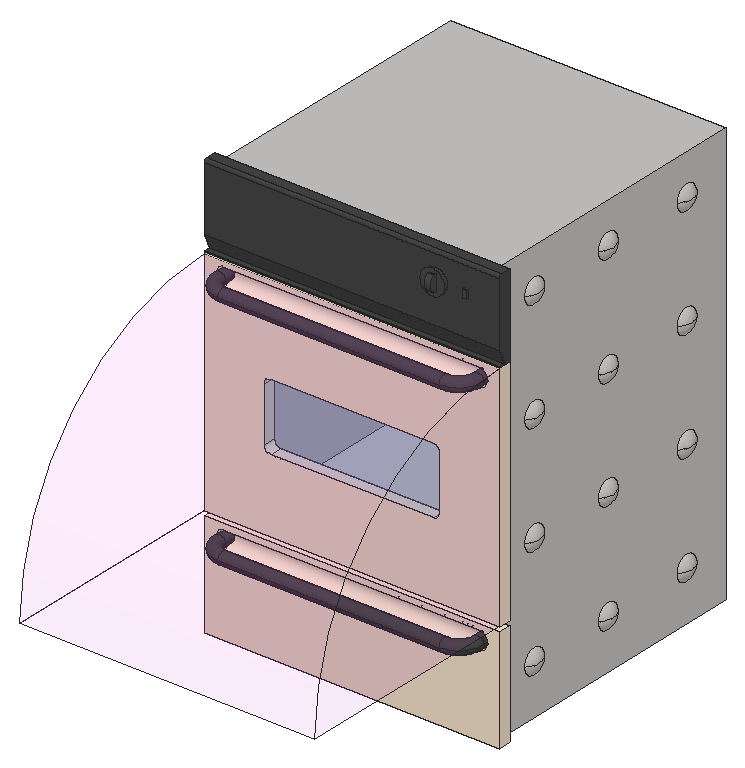
Revit family "QF_Summit_STM7212KW_Oven", category Specialty Equipment, Revit 2020
Family settings
  Round Connector Dimension = Use Diameter
  Part Type = Normal
  Work Plane-Based = No
  Always vertical = Yes
  Cut with Voids When Loaded = No
  Shared = No
  Room Calculation Point = No
Parameters
  Weight in Pounds = 140
  Watts = if(Phase = 3, Volts * FL Amps * 1.73, Volts * FL Amps)  # 414 W
  Volts = 115 V
  URL Cutsheet = ""
  Specification by User = ""
  Specification by Manufacturer = ""
  Show Clearance [instance] = yes
  Serial Number = ""
  Seismic Rating = ""
  SMACNA No = ""
  Revision Code = ""
  Phase = 1
  Number of Poles = 1
  NAFEM Spec ID Number = ""
  Model = "STM7212KW"
  Min Ckt Ampacity = 0 A
  Max Overcurrent Protection = 0 A
  Masterspec = ""
  Manufacturer = "Summit"
  Length = 24"
  Item Number = ""
  Installed By = ""
  Identify Quantity as Lot = yes
  Height = 34 1/2"
  HP = ""
  Furnished By = ""
  Foodservice Equipment Identifier = yes
  FL Amps = 3.6 A
  Electrical Remarks = ""
  Electric Connection Type = ""
  Elec Conn RI Height = 0"
  Elec Conn Connection Height = 0"
  Description = "Oven"
  Depth = 24"
  Default Elevation = 0"
  Cycle = 60 Hz
  Conn Plug = ""
  Conn Conduit = yes
  CSI MasterFormat = ""
  Apparent Power = if(Phase = 3, Volts * FL Amps * 1.73, Volts * FL Amps)  # 414 VA
Reference planes (in)
  plane 1 "BACK": y = 0
  plane 2: z = 0
  plane 3 "LEFT": x = 0
  plane 4 "RIGHT": x = 24
  plane 5 "FRONT": y = -24
  plane 6 "TOP": z = 34.875
  plane 7 "Center Y": x = 12
  plane 8 "Center X": y = -12
  plane 9: y = -23
  plane 10: y = -26.375
  plane 11: z = 27.75
  plane 12: z = 8.5
  plane 13: z = 8.875
  plane 14: y = -42.75
  plane 15: z = 34.5
Forms (in)
  Extrusion 1, solid, material "QF_Metal_Stainless_Polished"
    sketch origin (0, 0, 0) x (1, 0, 0) y (0, 1, 0)
      loop
        line (0.8125, 0) -> (0.8125, -23) -> (23.1875, -23) -> (23.1875, 0) -> (0.8125, 0)
    from 0 to 34.375
  Extrusion 2, solid, material "QF_Plastic_Bisque_Smooth"
    sketch origin (0, -24, 0.125) x (1, 0, 0) y (0, 0, 1)
      loop
        line (0, 8.375) -> (0, -0.125) -> (24, -0.125) -> (24, 8.375) -> (0, 8.375)
      loop
        line (0, 8.75) -> (24, 8.75) -> (24, 27.625) -> (0, 27.625) -> (0, 8.75)
    from 0 to -1
  Extrusion 3, solid, material "QF_Metal_Black"
    sketch origin (0, 0, 0) x (0, 1, 0) y (0, 0, 1)
      loop
        line (-23, 34.5) -> (-23.75, 34.5)
        arc (-23.75, 34.5) -> (-23.92678, 34.42678) -> (-24, 34.25) r 0.25
        line (-24, 34.25) -> (-24, 29) -> (-23.5, 27.79419) -> (-24, 27.79419) -> (-24, 27.75) -> (-23, 27.75) -> (-23, 34.5)
    from 0 to 24
  Revolve 4, void
    sketch origin (0, -0.05469, 26.49744) x (1, 0, 0) y (0, 1, 0)
      loop
        line (1, -24.15625) -> (23, -24.15625) -> (23, -24.00262)
        arc (23, -24.00262) -> (22.82068, -23.56969) -> (22.38775, -23.39037) r 0.61225
        line (22.38775, -23.39037) -> (1.61225, -23.39037)
        arc (1.61225, -23.39037) -> (1.17932, -23.56969) -> (1, -24.00262) r 0.61225
        line (1, -24.00262) -> (1, -24.15625)
      axis (23, -24.15625) -> (1, -24.15625)
    angle from -134.169 to 145.733
  Revolve 5, void
    sketch origin (0, -0.05469, 7.32557) x (1, 0, 0) y (0, 1, 0)
      loop
        line (1, -24.15625) -> (23, -24.15625) -> (23, -24.00262)
        arc (23, -24.00262) -> (22.82068, -23.56969) -> (22.38775, -23.39037) r 0.61225
        line (22.38775, -23.39037) -> (1.61225, -23.39037)
        arc (1.61225, -23.39037) -> (1.17932, -23.56969) -> (1, -24.00262) r 0.61225
        line (1, -24.00262) -> (1, -24.15625)
      axis (23, -24.15625) -> (1, -24.15625)
    angle from -134.169 to 145.733
  Sweep 6, solid, material "QF_Metal_Black"
    path origin (0, 0, 0) x (1, 0, 0) y (0, 1, 0)
      loop
        line (1, -23.5) -> (1, -24.375)
        arc (1, -24.375) -> (1.58579, -25.78921) -> (3, -26.375) r 2
        line (3, -26.375) -> (21, -26.375)
        arc (21, -26.375) -> (22.41421, -25.78921) -> (23, -24.375) r 2
        line (23, -24.375) -> (23, -23.5)
    profile origin (12, -26.375, 0) x (0, 1, 0) y (0, 0, 1)
      loop
        circle (0.5, 26.5) r 0.5
  Sweep 7, solid, material "QF_Metal_Black"
    path origin (0, 0, -19.17187) x (1, 0, 0) y (0, 1, 0)
      loop
        line (1, -23.5) -> (1, -24.375)
        arc (1, -24.375) -> (1.58579, -25.78921) -> (3, -26.375) r 2
        line (3, -26.375) -> (21, -26.375)
        arc (21, -26.375) -> (22.41421, -25.78921) -> (23, -24.375) r 2
        line (23, -24.375) -> (23, -23.5)
    profile origin (12, -26.375, -19.17187) x (0, 1, 0) y (0, 0, 1)
      loop
        circle (0.5, 26.5) r 0.5
  Extrusion 8, solid, material "QF_Plastic_Black_Smooth"
    sketch origin (20.91227, -24, 32.63936) x (0, 0, 1) y (0, -1, 0)
      loop
        line (-0.12746, 0) -> (-0.12746, 0.10905)
        arc (-0.12746, 0.10905) -> (-0.44721, 0.08236) -> (-0.76795, 0.07343) r 5.7865
        line (-0.76795, 0.07343) -> (-0.76795, 0) -> (-0.12746, 0)
    from 0.1968 to 0.4972
  Extrusion 9, solid, material "QF_Plastic_Black_Smooth"
    sketch origin (0, -24, 29) x (0, 0, 1) y (-1, 0, 0)
      loop
        circle (3.25, -18.75) r 1
    from 0 to 0.25
  Extrusion 10, solid, material "QF_Plastic_Black_Smooth"
    sketch origin (-0.04382, 0, 0) x (0, 1, 0) y (0, 0, 1)
      loop
        line (-24.25, 32.91606) -> (-24.40555, 32.91606)
        arc (-24.40555, 32.91606) -> (-24.75, 32.2654) -> (-24.40555, 31.61474) r 0.78677
        line (-24.40555, 31.61474) -> (-24.25, 31.61474) -> (-24.25, 32.91606)
    from 19.04382 to 18.54382
  Revolve 11, solid, material "QF_Metal_Stainless_Polished"
    sketch origin (0, 0, 4.125) x (1, 0, 0) y (0, 1, 0)
      loop
        line (23.1875, -4) -> (23.6875, -4)
        arc (23.6875, -4) -> (23.55162, -3.44294) -> (23.1875, -3) r 1.28845
        line (23.1875, -3) -> (23.1875, -4)
      axis (23.1875, -4) -> (23.6875, -4)
    angle from 0 to 360
  Revolve 12, solid, material "QF_Metal_Stainless_Polished"
    sketch origin (0, 0, 13.125) x (1, 0, 0) y (0, 1, 0)
      loop
        line (23.1875, -4) -> (23.6875, -4)
        arc (23.6875, -4) -> (23.55162, -3.44294) -> (23.1875, -3) r 1.28845
        line (23.1875, -3) -> (23.1875, -4)
      axis (23.1875, -4) -> (23.6875, -4)
    angle from 0 to 360
  Revolve 13, solid, material "QF_Metal_Stainless_Polished"
    sketch origin (0, 0, 22.125) x (1, 0, 0) y (0, 1, 0)
      loop
        line (23.1875, -4) -> (23.6875, -4)
        arc (23.6875, -4) -> (23.55162, -3.44294) -> (23.1875, -3) r 1.28845
        line (23.1875, -3) -> (23.1875, -4)
      axis (23.1875, -4) -> (23.6875, -4)
    angle from 0 to 360
  Revolve 14, solid, material "QF_Metal_Stainless_Polished"
    sketch origin (0, 0, 31.125) x (1, 0, 0) y (0, 1, 0)
      loop
        line (23.1875, -4) -> (23.6875, -4)
        arc (23.6875, -4) -> (23.55162, -3.44294) -> (23.1875, -3) r 1.28845
        line (23.1875, -3) -> (23.1875, -4)
      axis (23.1875, -4) -> (23.6875, -4)
    angle from 0 to 360
  Revolve 15, solid, material "QF_Metal_Stainless_Polished"
    sketch origin (0, -8, 31.125) x (1, 0, 0) y (0, 1, 0)
      loop
        line (23.1875, -4) -> (23.6875, -4)
        arc (23.6875, -4) -> (23.55162, -3.44294) -> (23.1875, -3) r 1.28845
        line (23.1875, -3) -> (23.1875, -4)
      axis (23.1875, -4) -> (23.6875, -4)
    angle from 0 to 360
  Revolve 16, solid, material "QF_Metal_Stainless_Polished"
    sketch origin (0, -15.5, 31.125) x (1, 0, 0) y (0, 1, 0)
      loop
        line (23.1875, -4) -> (23.6875, -4)
        arc (23.6875, -4) -> (23.55162, -3.44294) -> (23.1875, -3) r 1.28845
        line (23.1875, -3) -> (23.1875, -4)
      axis (23.1875, -4) -> (23.6875, -4)
    angle from 0 to 360
  Revolve 17, solid, material "QF_Metal_Stainless_Polished"
    sketch origin (0, -8, 4.125) x (1, 0, 0) y (0, 1, 0)
      loop
        line (23.1875, -4) -> (23.6875, -4)
        arc (23.6875, -4) -> (23.55162, -3.44294) -> (23.1875, -3) r 1.28845
        line (23.1875, -3) -> (23.1875, -4)
      axis (23.1875, -4) -> (23.6875, -4)
    angle from 0 to 360
  Revolve 18, solid, material "QF_Metal_Stainless_Polished"
    sketch origin (0, -8, 13.125) x (1, 0, 0) y (0, 1, 0)
      loop
        line (23.1875, -4) -> (23.6875, -4)
        arc (23.6875, -4) -> (23.55162, -3.44294) -> (23.1875, -3) r 1.28845
        line (23.1875, -3) -> (23.1875, -4)
      axis (23.1875, -4) -> (23.6875, -4)
    angle from 0 to 360
  Revolve 19, solid, material "QF_Metal_Stainless_Polished"
    sketch origin (0, -8, 22.125) x (1, 0, 0) y (0, 1, 0)
      loop
        line (23.1875, -4) -> (23.6875, -4)
        arc (23.6875, -4) -> (23.55162, -3.44294) -> (23.1875, -3) r 1.28845
        line (23.1875, -3) -> (23.1875, -4)
      axis (23.1875, -4) -> (23.6875, -4)
    angle from 0 to 360
  Revolve 20, solid, material "QF_Metal_Stainless_Polished"
    sketch origin (0, -15.5, 4.125) x (1, 0, 0) y (0, 1, 0)
      loop
        line (23.1875, -4) -> (23.6875, -4)
        arc (23.6875, -4) -> (23.55162, -3.44294) -> (23.1875, -3) r 1.28845
        line (23.1875, -3) -> (23.1875, -4)
      axis (23.1875, -4) -> (23.6875, -4)
    angle from 0 to 360
  Revolve 21, solid, material "QF_Metal_Stainless_Polished"
    sketch origin (0, -15.5, 13.125) x (1, 0, 0) y (0, 1, 0)
      loop
        line (23.1875, -4) -> (23.6875, -4)
        arc (23.6875, -4) -> (23.55162, -3.44294) -> (23.1875, -3) r 1.28845
        line (23.1875, -3) -> (23.1875, -4)
      axis (23.1875, -4) -> (23.6875, -4)
    angle from 0 to 360
  Revolve 22, solid, material "QF_Metal_Stainless_Polished"
    sketch origin (0, -15.5, 22.125) x (1, 0, 0) y (0, 1, 0)
      loop
        line (23.1875, -4) -> (23.6875, -4)
        arc (23.6875, -4) -> (23.55162, -3.44294) -> (23.1875, -3) r 1.28845
        line (23.1875, -3) -> (23.1875, -4)
      axis (23.1875, -4) -> (23.6875, -4)
    angle from 0 to 360
  Revolve 23, solid, material "QF_Metal_Stainless_Polished"
    sketch origin (24, 0, 4.125) x (-1, 0, 0) y (0, -1, 0)
      loop
        line (23.1875, 4) -> (23.1875, 3)
        arc (23.1875, 3) -> (23.55162, 3.44294) -> (23.6875, 4) r 1.28845
        line (23.6875, 4) -> (23.1875, 4)
      axis (23.1875, 4) -> (23.6875, 4)
    angle from 0 to 360
  Revolve 24, solid, material "QF_Metal_Stainless_Polished"
    sketch origin (24, 0, 13.125) x (-1, 0, 0) y (0, -1, 0)
      loop
        line (23.1875, 4) -> (23.1875, 3)
        arc (23.1875, 3) -> (23.55162, 3.44294) -> (23.6875, 4) r 1.28845
        line (23.6875, 4) -> (23.1875, 4)
      axis (23.1875, 4) -> (23.6875, 4)
    angle from 0 to 360
  Revolve 25, solid, material "QF_Metal_Stainless_Polished"
    sketch origin (24, 0, 22.125) x (-1, 0, 0) y (0, -1, 0)
      loop
        line (23.1875, 4) -> (23.1875, 3)
        arc (23.1875, 3) -> (23.55162, 3.44294) -> (23.6875, 4) r 1.28845
        line (23.6875, 4) -> (23.1875, 4)
      axis (23.1875, 4) -> (23.6875, 4)
    angle from 0 to 360
  Revolve 26, solid, material "QF_Metal_Stainless_Polished"
    sketch origin (24, 0, 31.125) x (-1, 0, 0) y (0, -1, 0)
      loop
        line (23.1875, 4) -> (23.1875, 3)
        arc (23.1875, 3) -> (23.55162, 3.44294) -> (23.6875, 4) r 1.28845
        line (23.6875, 4) -> (23.1875, 4)
      axis (23.1875, 4) -> (23.6875, 4)
    angle from 0 to 360
  Revolve 27, solid, material "QF_Metal_Stainless_Polished"
    sketch origin (24, -8, 31.125) x (-1, 0, 0) y (0, -1, 0)
      loop
        line (23.1875, 4) -> (23.1875, 3)
        arc (23.1875, 3) -> (23.55162, 3.44294) -> (23.6875, 4) r 1.28845
        line (23.6875, 4) -> (23.1875, 4)
      axis (23.1875, 4) -> (23.6875, 4)
    angle from 0 to 360
  Revolve 28, solid, material "QF_Metal_Stainless_Polished"
    sketch origin (24, -15.5, 31.125) x (-1, 0, 0) y (0, -1, 0)
      loop
        line (23.1875, 4) -> (23.1875, 3)
        arc (23.1875, 3) -> (23.55162, 3.44294) -> (23.6875, 4) r 1.28845
        line (23.6875, 4) -> (23.1875, 4)
      axis (23.1875, 4) -> (23.6875, 4)
    angle from 0 to 360
  Revolve 29, solid, material "QF_Metal_Stainless_Polished"
    sketch origin (24, -8, 4.125) x (-1, 0, 0) y (0, -1, 0)
      loop
        line (23.1875, 4) -> (23.1875, 3)
        arc (23.1875, 3) -> (23.55162, 3.44294) -> (23.6875, 4) r 1.28845
        line (23.6875, 4) -> (23.1875, 4)
      axis (23.1875, 4) -> (23.6875, 4)
    angle from 0 to 360
  Revolve 30, solid, material "QF_Metal_Stainless_Polished"
    sketch origin (24, -8, 13.125) x (-1, 0, 0) y (0, -1, 0)
      loop
        line (23.1875, 4) -> (23.1875, 3)
        arc (23.1875, 3) -> (23.55162, 3.44294) -> (23.6875, 4) r 1.28845
        line (23.6875, 4) -> (23.1875, 4)
      axis (23.1875, 4) -> (23.6875, 4)
    angle from 0 to 360
  Revolve 31, solid, material "QF_Metal_Stainless_Polished"
    sketch origin (24, -8, 22.125) x (-1, 0, 0) y (0, -1, 0)
      loop
        line (23.1875, 4) -> (23.1875, 3)
        arc (23.1875, 3) -> (23.55162, 3.44294) -> (23.6875, 4) r 1.28845
        line (23.6875, 4) -> (23.1875, 4)
      axis (23.1875, 4) -> (23.6875, 4)
    angle from 0 to 360
  Revolve 32, solid, material "QF_Metal_Stainless_Polished"
    sketch origin (24, -15.5, 4.125) x (-1, 0, 0) y (0, -1, 0)
      loop
        line (23.1875, 4) -> (23.1875, 3)
        arc (23.1875, 3) -> (23.55162, 3.44294) -> (23.6875, 4) r 1.28845
        line (23.6875, 4) -> (23.1875, 4)
      axis (23.1875, 4) -> (23.6875, 4)
    angle from 0 to 360
  Revolve 33, solid, material "QF_Metal_Stainless_Polished"
    sketch origin (24, -15.5, 13.125) x (-1, 0, 0) y (0, -1, 0)
      loop
        line (23.1875, 4) -> (23.1875, 3)
        arc (23.1875, 3) -> (23.55162, 3.44294) -> (23.6875, 4) r 1.28845
        line (23.6875, 4) -> (23.1875, 4)
      axis (23.1875, 4) -> (23.6875, 4)
    angle from 0 to 360
  Revolve 34, solid, material "QF_Metal_Stainless_Polished"
    sketch origin (24, -15.5, 22.125) x (-1, 0, 0) y (0, -1, 0)
      loop
        line (23.1875, 4) -> (23.1875, 3)
        arc (23.1875, 3) -> (23.55162, 3.44294) -> (23.6875, 4) r 1.28845
        line (23.6875, 4) -> (23.1875, 4)
      axis (23.1875, 4) -> (23.6875, 4)
    angle from 0 to 360
  Extrusion 35, solid, material "QF_Metal_Stainless_Polished"
    sketch origin (0.8125, 0, 0) x (1, 0, 0) y (0, 0, -1)
      loop
        circle (11.1875, -33.47209) r 0.25
    from 0 to 0.0625
  Extrusion 36, void
    sketch origin (0, -24, 0.125) x (1, 0, 0) y (0, 0, 1)
      loop
        arc (19.125, 19.75) -> (18.97855, 20.10355) -> (18.625, 20.25) r 0.5
        line (18.625, 20.25) -> (5.375, 20.25)
        arc (5.375, 20.25) -> (5.02145, 20.10355) -> (4.875, 19.75) r 0.5
        line (4.875, 19.75) -> (4.875, 15.25)
        arc (4.875, 15.25) -> (5.02145, 14.89645) -> (5.375, 14.75) r 0.5
        line (5.375, 14.75) -> (18.625, 14.75)
        arc (18.625, 14.75) -> (18.97855, 14.89645) -> (19.125, 15.25) r 0.5
        line (19.125, 15.25) -> (19.125, 19.75)
    from 0.5311 to -1
  Extrusion 37, solid, material "Glass"
    sketch origin (0, -24, 0.125) x (1, 0, 0) y (0, 0, 1)
      loop
        arc (4.875, 15.25) -> (5.02145, 14.89645) -> (5.375, 14.75) r 0.5
        line (5.375, 14.75) -> (18.625, 14.75)
        arc (18.625, 14.75) -> (18.97855, 14.89645) -> (19.125, 15.25) r 0.5
        line (19.125, 15.25) -> (19.125, 19.75)
        arc (19.125, 19.75) -> (18.97855, 20.10355) -> (18.625, 20.25) r 0.5
        line (18.625, 20.25) -> (5.375, 20.25)
        arc (5.375, 20.25) -> (5.02145, 20.10355) -> (4.875, 19.75) r 0.5
        line (4.875, 19.75) -> (4.875, 15.25)
    from 0 to -1
  Extrusion 38, void
    sketch origin (0, 0, 0) x (1, 0, 0) y (0, 1, 0)
      loop
        line (2, -24.83785) -> (22, -24.83785) -> (22, -5) -> (2, -5) -> (2, -24.83785)
    from 8.875 to 27
  Extrusion 39, solid, material "QF_Clearances_Door_Drawer", visible <- "Show Clearance"
    sketch origin (0, 0, 0) x (0, 1, 0) y (0, 0, 1)
      loop
        line (-42.75, 8.875) -> (-24, 8.875) -> (-24, 27.625)
        arc (-24, 27.625) -> (-37.25825, 22.13325) -> (-42.75, 8.875) r 18.75
    from 0 to 24
Cuts and joins
  Revolve 4, Revolve 5, Extrusion 36 cuts Extrusion 2
  Extrusion 38 cuts Extrusion 1
Lines and regions (in)
  Split face 1
    outline origin (0, -24, 29) x (0, 0, 1) y (-1, 0, 0)
      loop
        arc (4.875, -1.25) -> (4.72855, -0.89645) -> (4.375, -0.75) r 0.5
        line (4.375, -0.75) -> (2.29419, -0.75)
        arc (2.29419, -0.75) -> (1.94064, -0.89645) -> (1.79419, -1.25) r 0.5
        line (1.79419, -1.25) -> (1.79419, -9)
        arc (1.79419, -9) -> (1.94064, -9.35355) -> (2.29419, -9.5) r 0.5
        line (2.29419, -9.5) -> (4.375, -9.5)
        arc (4.375, -9.5) -> (4.72855, -9.35355) -> (4.875, -9) r 0.5
        line (4.875, -9) -> (4.875, -1.25)
  Split face 2
    outline origin (0, -24, 29) x (0, 0, 1) y (-1, 0, 0)
      loop
        line (4.6875, -9) -> (4.6875, -1.25)
        arc (4.6875, -1.25) -> (4.59597, -1.02903) -> (4.375, -0.9375) r 0.3125
        line (4.375, -0.9375) -> (2.29419, -0.9375)
        arc (2.29419, -0.9375) -> (2.07322, -1.02903) -> (1.98169, -1.25) r 0.3125
        line (1.98169, -1.25) -> (1.98169, -9)
        arc (1.98169, -9) -> (2.07322, -9.22097) -> (2.29419, -9.3125) r 0.3125
        line (2.29419, -9.3125) -> (4.375, -9.3125)
        arc (4.375, -9.3125) -> (4.59597, -9.22097) -> (4.6875, -9) r 0.3125
  Split face 3
    outline origin (0, -24, 29) x (0, 0, 1) y (-1, 0, 0)
      loop
        arc (4.875, -10.54922) -> (4.72855, -10.19566) -> (4.375, -10.04922) r 0.5
        line (4.375, -10.04922) -> (2.29419, -10.04922)
        arc (2.29419, -10.04922) -> (1.94064, -10.19566) -> (1.79419, -10.54922) r 0.5
        line (1.79419, -10.54922) -> (1.79419, -22.6875)
        arc (1.79419, -22.6875) -> (1.94064, -23.04105) -> (2.29419, -23.1875) r 0.5
        line (2.29419, -23.1875) -> (4.375, -23.1875)
        arc (4.375, -23.1875) -> (4.72855, -23.04105) -> (4.875, -22.6875) r 0.5
        line (4.875, -22.6875) -> (4.875, -10.54922)
  Split face 4
    outline origin (0, -24, 29) x (0, 0, 1) y (-1, 0, 0)
      loop
        line (4.6875, -22.6875) -> (4.6875, -10.54922)
        arc (4.6875, -10.54922) -> (4.59597, -10.32825) -> (4.375, -10.23672) r 0.3125
        line (4.375, -10.23672) -> (2.29419, -10.23672)
        arc (2.29419, -10.23672) -> (2.07322, -10.32825) -> (1.98169, -10.54922) r 0.3125
        line (1.98169, -10.54922) -> (1.98169, -22.6875)
        arc (1.98169, -22.6875) -> (2.07322, -22.90847) -> (2.29419, -23) r 0.3125
        line (2.29419, -23) -> (4.375, -23)
        arc (4.375, -23) -> (4.59597, -22.90847) -> (4.6875, -22.6875) r 0.3125
  Split face 5
    outline origin (0, -24, 29) x (0, 0, 1) y (-1, 0, 0)
      loop
        line (3.61107, -3.77672) -> (2.86107, -3.77772) -> (2.86107, -6.76604) -> (3.61107, -6.76604) -> (3.61107, -3.77672)
  Split face 6
    outline origin (0, -24, 29) x (0, 0, 1) y (-1, 0, 0)
      loop
        arc (3.76732, -7.26422) -> (3.75267, -7.22887) -> (3.71732, -7.21422) r 0.05
        line (3.71732, -7.21422) -> (3.31732, -7.21422)
        arc (3.31732, -7.21422) -> (3.28196, -7.22887) -> (3.26732, -7.26422) r 0.05
        line (3.26732, -7.26422) -> (3.26732, -7.78922)
        arc (3.26732, -7.78922) -> (3.28196, -7.82458) -> (3.31732, -7.83922) r 0.05
        line (3.31732, -7.83922) -> (3.71732, -7.83922)
        arc (3.71732, -7.83922) -> (3.75267, -7.82458) -> (3.76732, -7.78922) r 0.05
        line (3.76732, -7.78922) -> (3.76732, -7.26422)
  Split face 7
    outline origin (0, -24, 29) x (0, 0, 1) y (-1, 0, 0)
      loop
        arc (3.20482, -7.26422) -> (3.19017, -7.22887) -> (3.15482, -7.21422) r 0.05
        line (3.15482, -7.21422) -> (2.75482, -7.21422)
        arc (2.75482, -7.21422) -> (2.71946, -7.22887) -> (2.70482, -7.26422) r 0.05
        line (2.70482, -7.26422) -> (2.70482, -7.78922)
        arc (2.70482, -7.78922) -> (2.71946, -7.82458) -> (2.75482, -7.83922) r 0.05
        line (2.75482, -7.83922) -> (3.15482, -7.83922)
        arc (3.15482, -7.83922) -> (3.19017, -7.82458) -> (3.20482, -7.78922) r 0.05
        line (3.20482, -7.78922) -> (3.20482, -7.26422)
  Split face 8
    outline origin (0, -24, 29) x (0, 0, 1) y (-1, 0, 0)
      loop
        line (3.76732, -3.28922) -> (3.76732, -2.76422)
        arc (3.76732, -2.76422) -> (3.75267, -2.72887) -> (3.71732, -2.71422) r 0.05
        line (3.71732, -2.71422) -> (3.31732, -2.71422)
        arc (3.31732, -2.71422) -> (3.28196, -2.72887) -> (3.26732, -2.76422) r 0.05
        line (3.26732, -2.76422) -> (3.26732, -3.28922)
        arc (3.26732, -3.28922) -> (3.28196, -3.32458) -> (3.31732, -3.33922) r 0.05
        line (3.31732, -3.33922) -> (3.71732, -3.33922)
        arc (3.71732, -3.33922) -> (3.75267, -3.32458) -> (3.76732, -3.28922) r 0.05
  Split face 9
    outline origin (0, -24, 29) x (0, 0, 1) y (-1, 0, 0)
      loop
        line (3.20482, -3.28922) -> (3.20482, -2.76422)
        arc (3.20482, -2.76422) -> (3.19017, -2.72887) -> (3.15482, -2.71422) r 0.05
        line (3.15482, -2.71422) -> (2.75482, -2.71422)
        arc (2.75482, -2.71422) -> (2.71946, -2.72887) -> (2.70482, -2.76422) r 0.05
        line (2.70482, -2.76422) -> (2.70482, -3.28922)
        arc (2.70482, -3.28922) -> (2.71946, -3.32458) -> (2.75482, -3.33922) r 0.05
        line (2.75482, -3.33922) -> (3.15482, -3.33922)
        arc (3.15482, -3.33922) -> (3.19017, -3.32458) -> (3.20482, -3.28922) r 0.05
  Split face 10
    outline origin (0, -24, 28.99886) x (0, 0, 1) y (-1, 0, 0)
      loop
        line (2.81005, -21.04657) -> (2.81005, -21.47197) -> (3.57418, -21.47197) -> (3.57418, -21.04657) -> (2.81005, -21.04657)
  Split face 11
    outline origin (0, -24, 29) x (0, 0, 1) y (-1, 0, 0)
      loop
        circle (3.35208, -16.21465) r 0.25
  Split face 12
    outline origin (0, -24, 29) x (0, 0, 1) y (-1, 0, 0)
      loop
        line (3.86007, -2.52672) -> (2.61107, -2.52672) -> (2.61107, -8.02672) -> (3.86007, -8.02572) -> (3.86007, -2.52672)
  Split face 13
    outline origin (0, -24, 29) x (0, 0, 1) y (-1, 0, 0)
      loop
        line (2.76785, -11.07996) -> (2.76785, -15.07996) -> (3.66458, -15.07996) -> (3.66458, -11.07996) -> (2.76785, -11.07996)
  Split face 14
    outline origin (0, -24, 29) x (0, 0, 1) y (-1, 0, 0)
      loop
        line (3.70482, -3.27672) -> (3.70482, -2.77672) -> (3.32982, -2.77672) -> (3.32982, -3.27672) -> (3.70482, -3.27672)
  Split face 15
    outline origin (0, -24, 29) x (0, 0, 1) y (-1, 0, 0)
      loop
        line (2.76732, -3.27672) -> (3.14232, -3.27672) -> (3.14232, -2.77672) -> (2.76732, -2.77672) -> (2.76732, -3.27672)
  Split face 16
    outline origin (0, -24, 29) x (0, 0, 1) y (-1, 0, 0)
      loop
        line (3.70482, -7.27672) -> (3.32982, -7.27672) -> (3.32982, -7.77672) -> (3.70482, -7.77672) -> (3.70482, -7.27672)
  Split face 17
    outline origin (0, -24, 29) x (0, 0, 1) y (-1, 0, 0)
      loop
        line (3.14232, -7.27672) -> (2.76732, -7.27672) -> (2.76732, -7.77672) -> (3.14232, -7.77672) -> (3.14232, -7.27672)
  symbolic lines
    curve 1: line (0, -24, 27) -> (0, -24, 26)
    curve 2: line (0.8125, 0, 0) -> (23.1875, 0, 0)
    curve 3: line (0.8125, -23, 0) -> (0.8125, 0, 0)
    curve 4: line (24, -23, 0) -> (0, -23, 0)
    curve 5: line (23.1875, 0, 0) -> (23.1875, -23, 0)
    curve 6: line (0, -23, 0) -> (0, -24, 0)
    curve 7: line (0, -24, 0) -> (24, -24, 0)
    curve 8: line (24, -24, 0) -> (24, -23, 0)
    curve 9: line (21.10907, -24, 0) -> (21.10907, -24.10905, 0)
    curve 10: line (21.10907, -24.10905, 0) -> (21.40947, -24.10905, 0)
    curve 11: line (21.40947, -24.10905, 0) -> (21.40947, -24, 0)
    curve 12: line (19.74618, -24.25, 0) -> (17.74618, -24.25, 0)
    curve 13: line (17.74618, -24.25, 0) -> (17.74618, -24, 0)
    curve 14: line (19.74618, -24.25, 0) -> (19.74618, -24, 0)
    curve 15: line (18.5, -24.25, 0) -> (18.5, -24.75, 0)
    curve 16: line (18.5, -24.75, 0) -> (19, -24.75, 0)
    curve 17: line (19, -24.75, 0) -> (19, -24.25, 0)
    curve 18: line (2.99288, -26.375, 0) -> (21.00712, -26.375, 0)
    curve 19: line (1, -24, 0) -> (1, -24.38212, 0)
    curve 20: arc (1, -24.38212, 0) -> (1.5837, -25.7913, 0) -> (2.99288, -26.375, 0) r 1.99288
    curve 21: line (2, -24, 0) -> (2, -24.375, 0)
    curve 22: line (3, -25.375, 0) -> (21, -25.375, 0)
    curve 23: arc (2, -24.375, 0) -> (2.29289, -25.0821, 0) -> (3, -25.375, 0) r 1
    curve 24: line (23, -24, 0) -> (23, -24.38212, 0)
    curve 25: arc (23, -24.38212, 0) -> (22.4163, -25.7913, 0) -> (21.00712, -26.375, 0) r 1.99288
    curve 26: line (22, -24, 0) -> (22, -24.375, 0)
    curve 27: arc (22, -24.375, 0) -> (21.70711, -25.0821, 0) -> (21, -25.375, 0) r 1
    curve 28: arc (23.1875, -3.00968, 0) -> (23.69024, -4.00968, 0) -> (23.1875, -5.00968, 0) r 1.24593
    curve 29: arc (23.1875, -11, 0) -> (23.69024, -12, 0) -> (23.1875, -13, 0) r 1.24593
    curve 30: arc (23.1875, -18.5, 0) -> (23.69024, -19.5, 0) -> (23.1875, -20.5, 0) r 1.24593
    curve 31: arc (0.8125, -3.00968, 0) -> (0.30976, -4.00968, 0) -> (0.8125, -5.00968, 0) r 1.24593
    curve 32: arc (0.8125, -11, 0) -> (0.30976, -12, 0) -> (0.8125, -13, 0) r 1.24593
    curve 33: arc (0.8125, -18.5, 0) -> (0.30976, -19.5, 0) -> (0.8125, -20.5, 0) r 1.24593
  symbolic lines, style "QF_Clearances_Door_Drawer", visible <- "Show Clearance"
    curve 34: line (0, -24, 0) -> (0, -42.75, 0)
    curve 35: line (0, -42.75, 0) -> (24, -42.75, 0)
    curve 36: line (24, -42.75, 0) -> (24, -24, 0)
Dimensions and locks (in)
  equal spacing: plane 3 "LEFT", plane 7 "Center Y", plane 4 "RIGHT"
  "Length": plane 3 "LEFT" to plane 4 "RIGHT"
  equal spacing: plane 5 "FRONT", plane 8 "Center X", plane 1 "BACK"
  "Depth": plane 5 "FRONT" to plane 1 "BACK"
  plane 6 "TOP" to level = 34 7/8"
  plane 9 to plane 1 "BACK" = 23"
  plane 10 to plane 5 "FRONT" = 2 3/8"
  plane 11 to level = 27 3/4"
  plane 12 to level = 8 1/2"
  plane 11 to plane 13 = 18 7/8"
  plane 14 to plane 1 "BACK" = 42 3/4"
  plane 9 to plane 5 "FRONT" = 1"
  cut or joined group of Extrusion 1, Extrusion 38 to cut or joined group of Extrusion 1, Extrusion 38 = 22 3/8"
  "Height": plane 15 to plane 2
  aligned and locked: level to plane 2
Automatic sketch dimensions
  curve 1 to plane 5 "FRONT" = 0"
  curve 1 to plane 11 = 1 3/4"
  curve 1 to plane 11 = 3/4"
  Extrusion 1 sketch curve to plane 9 = 0"
  plane 1 "BACK" to Extrusion 1 sketch curve = 0"
  plane 4 "RIGHT" to Extrusion 1 sketch curve = 13/16"
  Extrusion 2 sketch curve to plane 3 "LEFT" = 0"  (x2)
  plane 4 "RIGHT" to Extrusion 2 sketch curve = 0"  (x2)
  Extrusion 2 sketch curve to level = 0"
  Extrusion 2 sketch curve to plane 12 = 0"
  Extrusion 2 sketch curve to plane 13 = 0"
  Extrusion 2 sketch curve to plane 11 = 0"
  plane 5 "FRONT" to Revolve 4 sketch curve = 0.0573"
  plane 4 "RIGHT" to Revolve 4 sketch curve = 1.61225"
  Revolve 4 sketch curve to Revolve 4 sketch curve = 0.61225"  (x2)
  Revolve 4 sketch curve to Revolve 4 sketch curve = 0.15363"
  plane 5 "FRONT" to Revolve 4 sketch curve = 27/128"
  Revolve 4 sketch curve to plane 3 "LEFT" = 1 1/4"
  plane 5 "FRONT" to Revolve 5 sketch curve = 0.0573"
  plane 4 "RIGHT" to Revolve 5 sketch curve = 1.61225"
  Revolve 5 sketch curve to Revolve 5 sketch curve = 0.61225"  (x2)
  Revolve 5 sketch curve to Revolve 5 sketch curve = 0.15363"
  plane 5 "FRONT" to Revolve 5 sketch curve = 27/128"
  Revolve 5 sketch curve to plane 3 "LEFT" = 1 1/4"
  Sweep 6 sketch curve to plane 10 = 0"
  plane 5 "FRONT" to Sweep 6 sketch curve = 3/8"  (x2)
  plane 4 "RIGHT" to Sweep 6 sketch curve = 3"
  Sweep 6 sketch curve to plane 5 "FRONT" = 1/2"  (x2)
  Sweep 6 sketch curve to profile plane = 1/2"
  level to Sweep 6 sketch curve = 26 1/2"
  Sweep 7 sketch curve to plane 10 = 0"
  plane 5 "FRONT" to Sweep 7 sketch curve = 3/8"  (x2)
  plane 4 "RIGHT" to Sweep 7 sketch curve = 3"
  Sweep 7 sketch curve to plane 5 "FRONT" = 1/2"  (x2)
  Sweep 7 sketch curve to profile plane = 1/2"
  profile plane to Sweep 7 sketch curve = 26 1/2"
  Split face 1 sketch curve to Extrusion 3 = 1.79419"
  Split face 1 sketch curve to Split face 1 sketch curve = 1/2"  (x3)
  Split face 1 sketch curve to Extrusion 3 = 9 1/2"
  Split face 1 sketch curve to Extrusion 3 = 1 1/4"
  Split face 2 sketch curve to Extrusion 3 = 1.98169"
  Split face 2 sketch curve to Split face 2 sketch curve = 5/16"  (x3)
  Split face 2 sketch curve to Extrusion 3 = 9 5/16"
  Split face 2 sketch curve to Extrusion 3 = 1 1/4"
  Split face 3 sketch curve to Extrusion 3 = 1.79419"
  Split face 3 sketch curve to Split face 3 sketch curve = 1/2"  (x3)
  Split face 3 sketch curve to Extrusion 3 = 13/16"
  Split face 3 sketch curve to Extrusion 3 = 10.54922"
  Split face 4 sketch curve to Extrusion 3 = 1.98169"
  Split face 4 sketch curve to Split face 4 sketch curve = 5/16"  (x3)
  Split face 4 sketch curve to Extrusion 3 = 1"
  Split face 4 sketch curve to Extrusion 3 = 10.54922"
  Split face 5 sketch curve to Split face 5 sketch curve = 3/4"
  Split face 5 sketch curve to Extrusion 3 = 6.76604"
  Split face 5 sketch curve to Split face 5 sketch curve = 2.98832"
  Extrusion 8 sketch curve to plane 5 "FRONT" = 0"
  Extrusion 8 sketch curve to Extrusion 8 sketch curve = 0.6405"
  plane 5 "FRONT" to Extrusion 8 sketch curve = 0.07343"
  Extrusion 8 sketch curve to Extrusion 8 sketch curve = 0.10905"
  Split face 10 sketch curve to Extrusion 3 = 2.80891"
  Split face 10 sketch curve to Split face 10 sketch curve = 0.76413"
  Split face 10 sketch curve to Extrusion 3 = 2.52803"
  Split face 10 sketch curve to Split face 10 sketch curve = 0.4254"
  Extrusion 3 to Extrusion 9 sketch curve = 5 1/4"
  plane 5 "FRONT" to Extrusion 10 sketch curve = 0.40555"  (x2)
  Extrusion 10 sketch curve to Extrusion 10 sketch curve = 0.15555"
  Extrusion 10 sketch curve to plane 5 "FRONT" = 0.03677"
  Extrusion 10 sketch curve to Extrusion 10 sketch curve = 0.65066"
  Split face 11 sketch curve to Extrusion 3 = 7.78535"
  plane 4 "RIGHT" to Revolve 11 sketch curve = 1.60081"
  Revolve 11 sketch curve to Revolve 11 sketch curve = 0.78831"
  plane 4 "RIGHT" to Revolve 11 sketch curve = 5/16"
  plane 1 "BACK" to Revolve 11 sketch curve = 4.01915"
  Revolve 11 sketch curve to Revolve 11 sketch curve = 0.01915"
  Revolve 11 sketch curve to Revolve 11 sketch curve = 0"  (x2)
  Revolve 11 sketch curve to plane 4 "RIGHT" = 1 11/16"
  plane 4 "RIGHT" to Revolve 12 sketch curve = 1.60081"
  Revolve 12 sketch curve to Revolve 12 sketch curve = 0.78831"
  plane 4 "RIGHT" to Revolve 12 sketch curve = 5/16"
  plane 1 "BACK" to Revolve 12 sketch curve = 4.01915"
  Revolve 12 sketch curve to Revolve 12 sketch curve = 0.01915"
  Revolve 12 sketch curve to Revolve 12 sketch curve = 0"  (x2)
  Revolve 12 sketch curve to plane 4 "RIGHT" = 1 11/16"
  plane 4 "RIGHT" to Revolve 13 sketch curve = 1.60081"
  Revolve 13 sketch curve to Revolve 13 sketch curve = 0.78831"
  plane 4 "RIGHT" to Revolve 13 sketch curve = 5/16"
  plane 1 "BACK" to Revolve 13 sketch curve = 4.01915"
  Revolve 13 sketch curve to Revolve 13 sketch curve = 0.01915"
  Revolve 13 sketch curve to Revolve 13 sketch curve = 0"  (x2)
  Revolve 13 sketch curve to plane 4 "RIGHT" = 1 11/16"
  plane 4 "RIGHT" to Revolve 14 sketch curve = 1.60081"
  Revolve 14 sketch curve to Revolve 14 sketch curve = 0.78831"
  plane 4 "RIGHT" to Revolve 14 sketch curve = 5/16"
  plane 1 "BACK" to Revolve 14 sketch curve = 4.01915"
  Revolve 14 sketch curve to Revolve 14 sketch curve = 0.01915"
  Revolve 14 sketch curve to Revolve 14 sketch curve = 0"  (x2)
  Revolve 14 sketch curve to plane 4 "RIGHT" = 1 11/16"
  Revolve 15 sketch curve to plane 8 "Center X" = 0"  (x2)
  Revolve 15 sketch curve to plane 8 "Center X" = 0.01915"
  plane 4 "RIGHT" to Revolve 15 sketch curve = 1.60081"
  Revolve 15 sketch curve to Revolve 15 sketch curve = 0.78831"
  plane 4 "RIGHT" to Revolve 15 sketch curve = 5/16"
  Revolve 15 sketch curve to Revolve 15 sketch curve = 0"
  Revolve 15 sketch curve to plane 4 "RIGHT" = 1 11/16"
  plane 4 "RIGHT" to Revolve 16 sketch curve = 1.60081"
  Revolve 16 sketch curve to Revolve 16 sketch curve = 0.78831"
  plane 4 "RIGHT" to Revolve 16 sketch curve = 5/16"
  plane 9 to Revolve 16 sketch curve = 3.48085"
  Revolve 16 sketch curve to Revolve 16 sketch curve = 0.01915"
  Revolve 16 sketch curve to Revolve 16 sketch curve = 0"  (x2)
  Revolve 16 sketch curve to plane 4 "RIGHT" = 1 11/16"
  Revolve 17 sketch curve to plane 8 "Center X" = 0"  (x2)
  Revolve 17 sketch curve to plane 8 "Center X" = 0.01915"
  plane 4 "RIGHT" to Revolve 17 sketch curve = 1.60081"
  Revolve 17 sketch curve to Revolve 17 sketch curve = 0.78831"
  plane 4 "RIGHT" to Revolve 17 sketch curve = 5/16"
  Revolve 17 sketch curve to Revolve 17 sketch curve = 0"
  Revolve 17 sketch curve to plane 4 "RIGHT" = 1 11/16"
  Revolve 18 sketch curve to plane 8 "Center X" = 0"  (x2)
  Revolve 18 sketch curve to plane 8 "Center X" = 0.01915"
  plane 4 "RIGHT" to Revolve 18 sketch curve = 1.60081"
  Revolve 18 sketch curve to Revolve 18 sketch curve = 0.78831"
  plane 4 "RIGHT" to Revolve 18 sketch curve = 5/16"
  Revolve 18 sketch curve to Revolve 18 sketch curve = 0"
  Revolve 18 sketch curve to plane 4 "RIGHT" = 1 11/16"
  Revolve 19 sketch curve to plane 8 "Center X" = 0"  (x2)
  Revolve 19 sketch curve to plane 8 "Center X" = 0.01915"
  plane 4 "RIGHT" to Revolve 19 sketch curve = 1.60081"
  Revolve 19 sketch curve to Revolve 19 sketch curve = 0.78831"
  plane 4 "RIGHT" to Revolve 19 sketch curve = 5/16"
  Revolve 19 sketch curve to Revolve 19 sketch curve = 0"
  Revolve 19 sketch curve to plane 4 "RIGHT" = 1 11/16"
  plane 4 "RIGHT" to Revolve 20 sketch curve = 1.60081"
  Revolve 20 sketch curve to Revolve 20 sketch curve = 0.78831"
  plane 4 "RIGHT" to Revolve 20 sketch curve = 5/16"
  plane 9 to Revolve 20 sketch curve = 3.48085"
  Revolve 20 sketch curve to Revolve 20 sketch curve = 0.01915"
  Revolve 20 sketch curve to Revolve 20 sketch curve = 0"  (x2)
  Revolve 20 sketch curve to plane 4 "RIGHT" = 1 11/16"
  plane 4 "RIGHT" to Revolve 21 sketch curve = 1.60081"
  Revolve 21 sketch curve to Revolve 21 sketch curve = 0.78831"
  plane 4 "RIGHT" to Revolve 21 sketch curve = 5/16"
  plane 9 to Revolve 21 sketch curve = 3.48085"
  Revolve 21 sketch curve to Revolve 21 sketch curve = 0.01915"
  Revolve 21 sketch curve to Revolve 21 sketch curve = 0"  (x2)
  Revolve 21 sketch curve to plane 4 "RIGHT" = 1 11/16"
  plane 4 "RIGHT" to Revolve 22 sketch curve = 1.60081"
  Revolve 22 sketch curve to Revolve 22 sketch curve = 0.78831"
  plane 4 "RIGHT" to Revolve 22 sketch curve = 5/16"
  plane 9 to Revolve 22 sketch curve = 3.48085"
  Revolve 22 sketch curve to Revolve 22 sketch curve = 0.01915"
  Revolve 22 sketch curve to Revolve 22 sketch curve = 0"  (x2)
  Revolve 22 sketch curve to plane 4 "RIGHT" = 1 11/16"
  plane 3 "LEFT" to Revolve 23 sketch curve = 5/16"
  plane 1 "BACK" to Revolve 23 sketch curve = 3"
  Revolve 23 sketch curve to Revolve 23 sketch curve = 1"
  Revolve 23 sketch curve to Revolve 23 sketch curve = 0"  (x2)
  Revolve 23 sketch curve to plane 3 "LEFT" = 1 11/16"
  plane 3 "LEFT" to Revolve 24 sketch curve = 5/16"
  plane 1 "BACK" to Revolve 24 sketch curve = 3"
  Revolve 24 sketch curve to Revolve 24 sketch curve = 1"
  Revolve 24 sketch curve to Revolve 24 sketch curve = 0"  (x2)
  Revolve 24 sketch curve to plane 3 "LEFT" = 1 11/16"
  plane 3 "LEFT" to Revolve 25 sketch curve = 5/16"
  plane 1 "BACK" to Revolve 25 sketch curve = 3"
  Revolve 25 sketch curve to Revolve 25 sketch curve = 1"
  Revolve 25 sketch curve to Revolve 25 sketch curve = 0"  (x2)
  Revolve 25 sketch curve to plane 3 "LEFT" = 1 11/16"
  plane 3 "LEFT" to Revolve 26 sketch curve = 5/16"
  plane 1 "BACK" to Revolve 26 sketch curve = 3"
  Revolve 26 sketch curve to Revolve 26 sketch curve = 1"
  Revolve 26 sketch curve to Revolve 26 sketch curve = 0"  (x2)
  Revolve 26 sketch curve to plane 3 "LEFT" = 1 11/16"
  Revolve 27 sketch curve to plane 8 "Center X" = 0"  (x2)
  Revolve 27 sketch curve to plane 8 "Center X" = 0.01915"
  plane 3 "LEFT" to Revolve 27 sketch curve = 5/16"
  Revolve 27 sketch curve to Revolve 27 sketch curve = 0"
  Revolve 27 sketch curve to plane 3 "LEFT" = 1 11/16"
  plane 3 "LEFT" to Revolve 28 sketch curve = 5/16"
  plane 9 to Revolve 28 sketch curve = 4 1/2"
  Revolve 28 sketch curve to Revolve 28 sketch curve = 1"
  Revolve 28 sketch curve to Revolve 28 sketch curve = 0"  (x2)
  Revolve 28 sketch curve to plane 3 "LEFT" = 1 11/16"
  Revolve 29 sketch curve to plane 8 "Center X" = 0"  (x2)
  Revolve 29 sketch curve to plane 8 "Center X" = 0.01915"
  plane 3 "LEFT" to Revolve 29 sketch curve = 5/16"
  Revolve 29 sketch curve to Revolve 29 sketch curve = 0"
  Revolve 29 sketch curve to plane 3 "LEFT" = 1 11/16"
  Revolve 30 sketch curve to plane 8 "Center X" = 0"  (x2)
  Revolve 30 sketch curve to plane 8 "Center X" = 0.01915"
  plane 3 "LEFT" to Revolve 30 sketch curve = 5/16"
  Revolve 30 sketch curve to Revolve 30 sketch curve = 0"
  Revolve 30 sketch curve to plane 3 "LEFT" = 1 11/16"
  Revolve 31 sketch curve to plane 8 "Center X" = 0"  (x2)
  Revolve 31 sketch curve to plane 8 "Center X" = 0.01915"
  plane 3 "LEFT" to Revolve 31 sketch curve = 5/16"
  Revolve 31 sketch curve to Revolve 31 sketch curve = 0"
  Revolve 31 sketch curve to plane 3 "LEFT" = 1 11/16"
  plane 3 "LEFT" to Revolve 32 sketch curve = 5/16"
  plane 9 to Revolve 32 sketch curve = 4 1/2"
  Revolve 32 sketch curve to Revolve 32 sketch curve = 1"
  Revolve 32 sketch curve to Revolve 32 sketch curve = 0"  (x2)
  Revolve 32 sketch curve to plane 3 "LEFT" = 1 11/16"
  plane 3 "LEFT" to Revolve 33 sketch curve = 5/16"
  plane 9 to Revolve 33 sketch curve = 4 1/2"
  Revolve 33 sketch curve to Revolve 33 sketch curve = 1"
  Revolve 33 sketch curve to Revolve 33 sketch curve = 0"  (x2)
  Revolve 33 sketch curve to plane 3 "LEFT" = 1 11/16"
  plane 3 "LEFT" to Revolve 34 sketch curve = 5/16"
  plane 9 to Revolve 34 sketch curve = 4 1/2"
  Revolve 34 sketch curve to Revolve 34 sketch curve = 1"
  Revolve 34 sketch curve to Revolve 34 sketch curve = 0"  (x2)
  Revolve 34 sketch curve to plane 3 "LEFT" = 1 11/16"
  Extrusion 1 to Extrusion 35 sketch curve = 0.90291"
  Extrusion 35 sketch curve to Extrusion 1 = 11 3/16"
  Extrusion 37 sketch curve to Extrusion 2 = 4 7/8"
  Extrusion 37 sketch curve to Extrusion 37 sketch curve = 1/2"  (x3)
  Extrusion 37 sketch curve to Extrusion 2 = 5 3/8"
  Extrusion 37 sketch curve to Extrusion 37 sketch curve = 0"
  Extrusion 37 sketch curve to Extrusion 2 = 6"
  Extrusion 37 sketch curve to Extrusion 37 sketch curve = 4 1/2"
  Extrusion 38 sketch curve to plane 9 = 1.83785"
  plane 4 "RIGHT" to Extrusion 38 sketch curve = 2"
  plane 1 "BACK" to Extrusion 38 sketch curve = 5"
  Extrusion 8 sketch curve to plane 6 "TOP" = 3.00359"
  Extrusion 8 sketch curve to plane 6 "TOP" = 3.00417"
  Extrusion 10 sketch curve to plane 6 "TOP" = 3.26026"
  plane 3 "LEFT" to Extrusion 1 sketch curve = 13/16"
  plane 3 "LEFT" to Revolve 4 sketch curve = 1"
  Revolve 4 sketch curve to Revolve 4 sketch curve = 0"
  plane 3 "LEFT" to Revolve 5 sketch curve = 1"
  Revolve 5 sketch curve to Revolve 5 sketch curve = 0"
  plane 3 "LEFT" to Sweep 6 sketch curve = 3"
  plane 3 "LEFT" to Sweep 7 sketch curve = 3"
  Revolve 23 sketch curve to Revolve 23 sketch curve = 1/2"
  Revolve 23 sketch curve to Revolve 23 sketch curve = 0.78831"
  Revolve 24 sketch curve to Revolve 24 sketch curve = 1/2"
  Revolve 24 sketch curve to Revolve 24 sketch curve = 0.78831"
  Revolve 25 sketch curve to Revolve 25 sketch curve = 1/2"
  Revolve 25 sketch curve to Revolve 25 sketch curve = 0.78831"
  Revolve 26 sketch curve to Revolve 26 sketch curve = 1/2"
  Revolve 26 sketch curve to Revolve 26 sketch curve = 0.78831"
  Revolve 27 sketch curve to Revolve 27 sketch curve = 1/2"
  Revolve 27 sketch curve to Revolve 27 sketch curve = 0.78831"
  Revolve 28 sketch curve to Revolve 28 sketch curve = 1/2"
  Revolve 28 sketch curve to Revolve 28 sketch curve = 0.78831"
  Revolve 29 sketch curve to Revolve 29 sketch curve = 1/2"
  Revolve 29 sketch curve to Revolve 29 sketch curve = 0.78831"
  Revolve 30 sketch curve to Revolve 30 sketch curve = 1/2"
  Revolve 30 sketch curve to Revolve 30 sketch curve = 0.78831"
  Revolve 31 sketch curve to Revolve 31 sketch curve = 1/2"
  Revolve 31 sketch curve to Revolve 31 sketch curve = 0.78831"
  Revolve 32 sketch curve to Revolve 32 sketch curve = 1/2"
  Revolve 32 sketch curve to Revolve 32 sketch curve = 0.78831"
  Revolve 33 sketch curve to Revolve 33 sketch curve = 1/2"
  Revolve 33 sketch curve to Revolve 33 sketch curve = 0.78831"
  Revolve 34 sketch curve to Revolve 34 sketch curve = 1/2"
  Revolve 34 sketch curve to Revolve 34 sketch curve = 0.78831"
  plane 3 "LEFT" to Extrusion 38 sketch curve = 2"
  Extrusion 39 sketch curve to plane 14 = 0"
  Extrusion 39 sketch curve to plane 5 "FRONT" = 0"
  Extrusion 39 sketch curve to plane 13 = 0"
  curve 4 to plane 3 "LEFT" = 0"
  plane 1 "BACK" to curve 3 = 0"
  curve 3 to plane 9 = 0"
  plane 5 "FRONT" to curve 19 = 0"
  curve 32 to plane 8 "Center X" = 0"
  curve 18 to plane 10 = 0"
  curve 29 to plane 8 "Center X" = 0"
  plane 3 "LEFT" to curve 3 = 13/16"
  plane 5 "FRONT" to curve 19 = 0.38212"
  plane 3 "LEFT" to curve 19 = 1"
  curve 31 to curve 31 = 0.74319"
  curve 32 to curve 32 = 0.74319"
  curve 33 to curve 33 = 0.74319"
  plane 5 "FRONT" to curve 21 = 3/8"
  curve 21 to curve 20 = 0.99288"
  curve 20 to curve 22 = 0.00712"
  plane 5 "FRONT" to curve 12 = 1/4"
  plane 7 "Center Y" to curve 12 = 5.74618"
  curve 12 to curve 15 = 0.75382"
  curve 15 to curve 16 = 1/2"
  curve 17 to curve 14 = 0.74618"
  plane 5 "FRONT" to curve 10 = 0.10905"
  curve 12 to curve 10 = 1.36288"
  curve 22 to curve 9 = 0.10907"
  curve 22 to curve 18 = 0.00712"
  curve 9 to curve 11 = 0.3004"
  plane 5 "FRONT" to curve 26 = 3/8"
  plane 4 "RIGHT" to curve 28 = 1.55569"
  plane 4 "RIGHT" to curve 29 = 1.55569"
  plane 4 "RIGHT" to curve 30 = 1.55569"
  plane 5 "FRONT" to curve 24 = 0.38212"
  plane 4 "RIGHT" to curve 2 = 13/16"
  curve 16 to curve 17 = 1/2"
  plane 9 to curve 33 = 3 1/2"
  plane 9 to curve 30 = 3 1/2"
  plane 1 "BACK" to curve 28 = 4.00968"
  plane 1 "BACK" to curve 31 = 4.00968"
  curve 33 to curve 33 = 1"
  curve 30 to curve 30 = 1"
  curve 32 to plane 8 "Center X" = 1"
  curve 29 to plane 8 "Center X" = 1"
  curve 31 to curve 31 = 1"
  curve 28 to curve 28 = 1"
  curve 34 to plane 14 = 0"
  curve 35 to plane 4 "RIGHT" = 0"
  Split face 12 sketch curve to Extrusion 3 = 2.61107"
  Split face 12 sketch curve to Split face 12 sketch curve = 1.249"
  Split face 12 sketch curve to Extrusion 3 = 8.02572"
  Split face 12 sketch curve to Extrusion 3 = 2.52672"
  Split face 13 sketch curve to Extrusion 3 = 8.92004"
  Split face 13 sketch curve to Split face 13 sketch curve = 0.89673"
  Split face 13 sketch curve to Split face 13 sketch curve = 4"
  Split face 5 sketch curve to Split face 5 sketch curve = 0.001"
  Split face 6 sketch curve to Split face 6 sketch curve = 0.05"  (x4)
  Split face 6 sketch curve to Split face 6 sketch curve = 0.4"
  Split face 6 sketch curve to Extrusion 3 = 7.83922"
  Split face 6 sketch curve to Split face 6 sketch curve = 0.525"
  Split face 7 sketch curve to Extrusion 3 = 2.70482"
  Split face 7 sketch curve to Split face 7 sketch curve = 0.05"  (x3)
  Split face 7 sketch curve to Split face 7 sketch curve = 0.4"  (x2)
  Split face 7 sketch curve to Extrusion 3 = 7.83922"
  Split face 7 sketch curve to Split face 7 sketch curve = 0.525"
  Split face 8 sketch curve to Split face 8 sketch curve = 0.05"  (x3)
  Split face 8 sketch curve to Split face 8 sketch curve = 0.4"  (x2)
  Split face 8 sketch curve to Extrusion 3 = 3.33922"
  Split face 8 sketch curve to Split face 8 sketch curve = 0.525"
  Split face 9 sketch curve to Extrusion 3 = 2.70482"
  Split face 9 sketch curve to Split face 9 sketch curve = 0.05"  (x3)
  Split face 9 sketch curve to Split face 9 sketch curve = 0.4"  (x2)
  Split face 9 sketch curve to Extrusion 3 = 3.33922"
  Split face 9 sketch curve to Split face 9 sketch curve = 0.525"
  Split face 12 sketch curve to Split face 12 sketch curve = 0.001"
  Split face 14 sketch curve to Split face 14 sketch curve = 3/8"
  Split face 14 sketch curve to Extrusion 3 = 3.27672"
  Split face 14 sketch curve to Split face 14 sketch curve = 1/2"
  Split face 15 sketch curve to Extrusion 3 = 2.76732"
  Split face 15 sketch curve to Split face 15 sketch curve = 3/8"
  Split face 15 sketch curve to Extrusion 3 = 3.27672"
  Split face 15 sketch curve to Split face 15 sketch curve = 1/2"
  Split face 16 sketch curve to Split face 16 sketch curve = 3/8"
  Split face 16 sketch curve to Extrusion 3 = 7.77672"
  Split face 16 sketch curve to Split face 16 sketch curve = 1/2"
  Split face 17 sketch curve to Extrusion 3 = 2.76732"
  Split face 17 sketch curve to Split face 17 sketch curve = 3/8"
  Split face 17 sketch curve to Extrusion 3 = 7.77672"
  Split face 17 sketch curve to Split face 17 sketch curve = 1/2"
  Extrusion 36 sketch curve to Extrusion 2 = 4 7/8"
  Extrusion 36 sketch curve to Extrusion 36 sketch curve = 1/2"  (x3)
  Extrusion 36 sketch curve to Extrusion 2 = 5 3/8"
  Extrusion 36 sketch curve to Extrusion 36 sketch curve = 0"
  Extrusion 36 sketch curve to Extrusion 2 = 6"
  Extrusion 36 sketch curve to Extrusion 36 sketch curve = 4 1/2"
  Extrusion 3 sketch curve to plane 5 "FRONT" = 0"  (x2)
  Extrusion 3 sketch curve to plane 15 = 0"
  Extrusion 3 sketch curve to plane 9 = 0"
  Extrusion 3 sketch curve to plane 11 = 0"
  Extrusion 3 sketch curve to Extrusion 3 sketch curve = 1/4"
  plane 11 to Extrusion 3 sketch curve = 0.04419"
  Extrusion 3 sketch curve to Extrusion 3 sketch curve = 1/2"
  Extrusion 3 sketch curve to Extrusion 3 sketch curve = 1.20581"
  Split face 1 sketch curve to Extrusion 3 = 7/8"  (x2)
  Split face 2 sketch curve to Extrusion 3 = 7/8"  (x2)
  Split face 3 sketch curve to Extrusion 3 = 7/8"  (x2)
  Split face 4 sketch curve to Extrusion 3 = 7/8"  (x2)
  Split face 5 sketch curve to Extrusion 3 = 2.38893"
  Split face 6 sketch curve to Extrusion 3 = 1.98268"
  Split face 8 sketch curve to Extrusion 3 = 1.98268"
  Extrusion 9 sketch curve to Extrusion 3 = 2"
  Split face 11 sketch curve to Extrusion 3 = 1.89792"
  Split face 13 sketch curve to Extrusion 3 = 2.48215"
  Split face 14 sketch curve to Extrusion 3 = 1.92018"
  Split face 16 sketch curve to Extrusion 3 = 1.92018"
  radius of Sweep 6 sketch curve = 1/2"
  radius of Sweep 7 sketch curve = 1/2"
  radius of Extrusion 9 sketch curve = 1"
  radius of Split face 11 sketch curve = 1/4"
  radius of Extrusion 35 sketch curve = 1/4"
